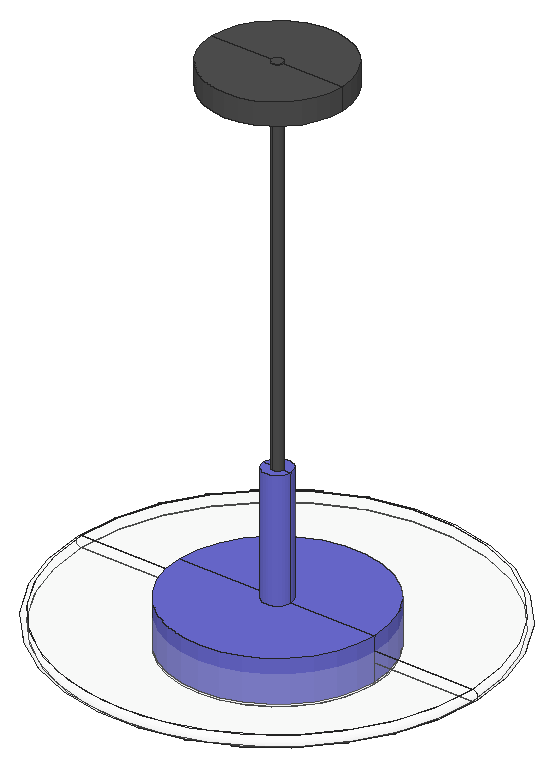
Revit family "b6826b4f6a8b4382bd7d60cda4c528bb", category Lighting Fixtures, host Ceiling, Revit 2021
Family settings
  Host = Ceiling
  Round Connector Dimension = Use Diameter
  Part Type = Normal
  OmniClass Number = 23.80.70.11.11
  OmniClass Title = General Luminaries, Non Directional
  Seek Item ID = Pendant Light - Disk-0000-USA-ENU
  Always vertical = Yes
  Cut with Voids When Loaded = No
  Light Source = Yes
  Shared = No
  Room Calculation Point = No
Parameters (values of type "150W - 277V")
  Wattage = 150 W
  built-in parameter 1150110 = 1 (stored number, unit not read)
  built-in parameter 1114217 = 1 (stored number, unit not read)
  Tilt Angle = 90.00°
  built-in parameter 1150109 = 1 (stored number, unit not read)
  built-in parameter 1150134 = 4
  built-in parameter 1150113 = 1 (stored number, unit not read)
  built-in parameter 1010507 = 1.5708 (stored number, unit not read)
  built-in parameter 1010506 = 0.5236 (stored number, unit not read)
  built-in parameter 1150115 = 1 (stored number, unit not read)
  built-in parameter 1150105 = 9293.5 (stored number, unit not read)
  Load Classification = Lighting - Dwelling Unit
  Light Source Symbol Length = 6' - 0"
  built-in parameter 1150137 = 1
  built-in parameter 1150139 = (empty or 0)
  built-in parameter 1150112 = 1 (stored number, unit not read)
  built-in parameter 1150114 = 1 (stored number, unit not read)
  Lamp = "A-21"
  built-in parameter 1150132 = (empty or 0)
  built-in parameter 1150102 = (empty or 0)
  built-in parameter 1150138 = (empty or 0)
  built-in parameter 1150107 = 2800 (stored number, unit not read)
  built-in parameter 1150106 = 92.935 (stored number, unit not read)
  Emit from Circle Diameter = Fixture Radius * 2  # 0' - 9"
  Emit Shape Visible in Rendering = no
  built-in parameter 1150104 = 1.7215 (stored number, unit not read)
  Dimming Lamp Color Temperature Shift = <None>
  Default Elevation = 0' - 0"
  Color Filter = 16777215
  built-in parameter 1140040 [instance] = 1
  Ballast Voltage = 277 V
  Ballast Number of Poles = 1
  built-in parameter 1114218 = 1 (stored number, unit not read)
  built-in parameter 1150133 = 10 (stored number, unit not read)
  Assembly Code = "D5020220"
  Ceiling Mount Material = Steel, Chrome Plated
  Drop From Ceiling = 2' - 0"
  Fixture Material = Plastic - Blue
  Glass Material = Glass, White, High Luminance
  Lumens = 2779.5 lm
  Fixture Radius = Glass Radius * 0.5  # 0' - 4 1/2"
  Glass Radius = 0' - 9"
  Type Comments = ""
  Wattage Comments = ""
  Apparent Load = 150 VA
Types (5): name | Wattage | built-in parameter 1150105 | Lamp | built-in parameter 1150106 | built-in parameter 1150104 | Ballast Voltage | Lumens | Type Comments | Apparent Load
  (no name) | 150 W | 9293.5 (stored number, unit not read) | "A-21" | 92.935 (stored number, unit not read) | 1.7215 (stored number, unit not read) | 277 V | 2779.5 lm | "" | 150 VA
  100W - 277V | 100 W | 5650.6 (stored number, unit not read) | "A-19" | 56.506 (stored number, unit not read) | 1.5701 (stored number, unit not read) | 277 V | 1690 lm | "3.5\" Min.Radius" | 100 VA
  150W - 120V | 150 W | 9293.5 (stored number, unit not read) | "A-21" | 92.935 (stored number, unit not read) | 1.7215 (stored number, unit not read) | 120 V | 2779.5 lm | "" | 150 VA
  150W - 277V | 150 W | 9293.5 (stored number, unit not read) | "A-21" | 92.935 (stored number, unit not read) | 1.7215 (stored number, unit not read) | 277 V | 2779.5 lm | "" | 150 VA
  100W - 120V | 100 W | 5650.6 (stored number, unit not read) | "A-19" | 56.506 (stored number, unit not read) | 1.5701 (stored number, unit not read) | 120 V | 1690 lm | "3.5\" Min.Radius" | 100 VA
Reference planes (in)
  plane 1 "Light Axis": y = 0
  plane 2 "Ceiling": z = 96
  plane 3 "Light Axis": x = 0
  plane 4 "Light Source Elevation": z = 72
Forms (in)
  Revolve 1, solid, material "Steel, Chrome Plated" <- "Ceiling Mount Material"
    sketch origin (0, 0, 0) x (1, 0, 0) y (0, 0, 1)
      loop
        line (0, 96) -> (-3, 96) -> (-3, 95) -> (0, 93.60108) -> (0, 96)
      axis (0, 96) -> (0, 93.60108)
    angle from 0 to 360
  Revolve 2, solid, material "Glass, White, High Luminance" <- "Glass Material"
    sketch origin (0, 0, 0) x (0, 0, -1) y (1, 0, 0)
      loop
        line (-72.75, 0) -> (-73.25, 0) -> (-73.25, -9)
        arc (-73.25, -9) -> (-73, -9.25) -> (-72.75, -9) r 0.25
        line (-72.75, -9) -> (-72.75, 0)
      axis (-73.25, 0) -> (-72.75, 0)
    angle from 0 to 360
  Extrusion 3, solid, material "Steel, Chrome Plated" <- "Ceiling Mount Material"
    sketch origin (0, 0, 72) x (0, -1, 0) y (1, 0, 0)
      loop
        circle (0, 0) r 0.25
    from 0.5 to 24
  Revolve 4, solid, material "Plastic - Blue" <- "Fixture Material"
    sketch origin (0, 0, 0) x (0, 0, -1) y (1, 0, 0)
      loop
        line (-79.25, 0) -> (-79.25, -0.625) -> (-73.89273, -0.625) -> (-73.89273, -4.5) -> (-72, -4.5) -> (-72, -1.5) -> (-73.25, -1.5) -> (-73.25, 0) -> (-79.25, 0)
      axis (-79.25, 0) -> (-72, 0)
    angle from 0 to 360
  Extrusion 5, solid, material "Glass, White, High Luminance" <- "Glass Material"
    sketch origin (0, 0, 72) x (0, -1, 0) y (1, 0, 0)
      loop
        circle (0, 0) r 4.5
    from -0.125 to 0
Dimensions and locks (in)
  equal spacing: host sketch curve, plane 3 "Light Axis", host sketch curve
  equal spacing: host sketch curve, plane 1 "Light Axis", host sketch curve
  host sketch curve to host sketch curve = 10' - 0"  (x2)
  "Drop From Ceiling": plane 2 "Ceiling" to plane 4 "Light Source Elevation"
  "Glass Radius": plane 3 "Light Axis" to Revolve 2 sketch curve
  "Fixture Radius": plane 3 "Light Axis" to Revolve 4 sketch curve
  aligned and locked: plane 2 "Ceiling" to Extrusion 3
  aligned and locked: imposter light to plane 3 "Light Axis"
  aligned and locked: plane 1 "Light Axis" to imposter light
  aligned and locked: Extrusion 5 to Revolve 4
  aligned and locked: imposter light to Extrusion 5
Automatic sketch dimensions
  Revolve 1 sketch curve to plane 2 "Ceiling" = 0' - 0"
  Revolve 1 sketch curve to plane 3 "Light Axis" = 0' - 0"  (x2)
  Revolve 1 sketch curve to plane 2 "Ceiling" = 0' - 1"
  Revolve 1 sketch curve to plane 3 "Light Axis" = 0' - 3"
  Revolve 1 sketch curve to plane 2 "Ceiling" = 0' - 2.39892"
  Revolve 1 sketch curve to Revolve 1 sketch curve = 0' - 2.60108"
  plane 2 "Ceiling" to Revolve 1 sketch curve = 0' - 3"
  Extrusion 3 sketch curve to plane 3 "Light Axis" = 0' - 0"
  Extrusion 3 sketch curve to plane 1 "Light Axis" = 0' - 0"
  Extrusion 3 sketch curve to plane 1 "Light Axis" = 0' - 0 1/4"
  Revolve 2 sketch curve to plane 3 "Light Axis" = 0' - 0"  (x2)
  Revolve 2 sketch curve to plane 4 "Light Source Elevation" = 0' - 3.81303"
  Revolve 2 sketch curve to plane 4 "Light Source Elevation" = 0' - 1 1/4"
  Revolve 2 sketch curve to Revolve 2 sketch curve = 0' - 0 1/4"
  plane 4 "Light Source Elevation" to Revolve 2 sketch curve = 0' - 9.18697"
  Revolve 4 sketch curve to plane 3 "Light Axis" = 0' - 0"  (x2)
  Revolve 4 sketch curve to plane 4 "Light Source Elevation" = 0' - 8.19933"
  Revolve 4 sketch curve to Revolve 4 sketch curve = 0' - 0.94933"
  Revolve 4 sketch curve to plane 4 "Light Source Elevation" = 0' - 1.89273"
  Revolve 4 sketch curve to Revolve 4 sketch curve = 0' - 0.64273"
  Revolve 4 sketch curve to plane 4 "Light Source Elevation" = 0' - 0"
  plane 4 "Light Source Elevation" to Revolve 4 sketch curve = 0' - 1.80067"
  Revolve 4 sketch curve to plane 3 "Light Axis" = 0' - 0 5/8"
  Revolve 4 sketch curve to Revolve 4 sketch curve = 0' - 0 7/8"
  plane 1 "Light Axis" to Extrusion 5 sketch curve = 0' - 0"
  Extrusion 5 sketch curve to plane 3 "Light Axis" = 0' - 0"
  radius of Extrusion 5 sketch curve = 0' - 4 1/2"
Connectors (in)
  electrical at (0, 0, 72), driven by "Apparent Load", driven by "Ballast Voltage", driven by "Ballast Number of Poles", driven by "Load Classification"
    settings: on Revolve 4, index 1, voltage 277 V, apparent load 0 VA, apparent load phase1 150 VA, apparent load phase2 0 VA, apparent load phase3 0 VA, power factor 0.95, load classification "Lighting - Dwelling Unit", number of poles 1, system type 31, power factor state 1, is connector primary yes, connector utility no, sub classification motor no, connector description ""
